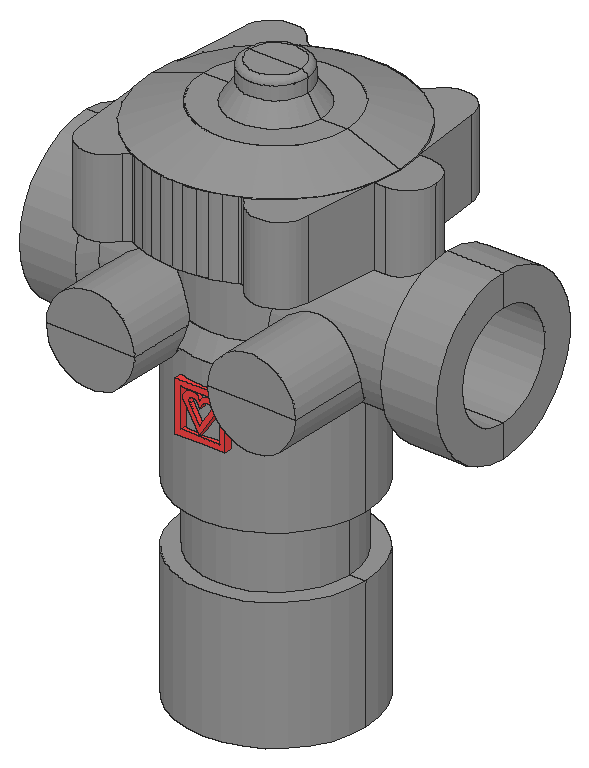
Revit family "Kombiventil 4206_R_SMART_LF_MF", category Rohrzubehör, Revit 2018
Family settings
  Bemaßung runder Anschluss = Durchmesser verwenden
  Teiletyp = Unterbricht
  OmniClass-Nummer = 23.65.55.14
  OmniClass-Titel = Valves for Liquid Services
  Arbeitsebenenbasiert = Nein
  Immer vertikal = Ja
  Beim Laden mit Abzugskörper schneiden = Nein
  Gemeinsam genutzt = Nein
Parameters (values of type "LF")
  min.Betriebstemperatur (reines Wasser) = 2 °C  # constant formula
  min.Betriebstemperatur (Frostschutz) = -20 °C  # constant formula
  max.Differenzdruck = 400000.0 Pa  # constant formula
  max.Betriebstemperatur bis DN32 = 130 °C  # constant formula
  max.Betriebstemperatur ab DN40 = 110 °C  # constant formula
  max.Betriebsdruck = 1600000.0 Pa  # constant formula
  URL = "www.herz-armaturen.at"
  Stift = "Edelstahl 14301"  # constant formula
  SCRNSEQ = "ARM;ARM_TYP=\"DURR\";2"
  SCRNCODE = "05;04;02"  # constant formula
  S04 [instance] = R01 * 2  # 30.00 mm
  S01 [instance] = L01 + L02  # 75.00 mm
  R02 [instance] = size_lookup("4206R_S_LF_MF", "R2", 9.32 mm, Nennweite)  # 9.316 mm
  R01 [instance] = size_lookup("4206R_S_LF_MF", "R1", 15.00 mm, Nennweite)  # 15.00 mm
  PN = 25  # constant formula
  O-Ringe = "EPDM"  # constant formula
  Membrangehäuse = "Messing CW602N"  # constant formula
  Membrane = "EPDM"  # constant formula
  Medium = "Wasserbeschaffenheit nach ÖNORM H 5195 und VDI 2035.\r\nDie Verwendung von Ethylen- und Propylenglykol ist im Mischungsverhältnis 25 - 50 Vol. [%] zulässig."
  MF [instance] = no
  LF [instance] = yes
  L06 = 3.44 mm  # constant formula
  Impulsleitung = "Kupfer Cu-DHP (CW024A)"  # constant formula
  Hub = 4.00 mm  # constant formula
  Hersteller = "Herz-Armaturen GmbH"  # constant formula
  H10 = 22.33 mm  # constant formula
  Gehäuse = "DZR Messing CC770S"  # constant formula
  Druckfeder = "Federstahl"  # constant formula
  Bestellnummer [instance] = if(and(LF, Nennweite = 15.00 mm), 1420660, if(and(MF, Nennweite = 15.00 mm), 1420669, 0))  # 1420660
  Bauschutzkappe = "Kunststoff"  # constant formula
  B16 = 26.00 mm  # constant formula
  B15 = 23.00 mm  # constant formula
  B14 = 8.73 mm  # constant formula
  B13 = 40.79 mm  # constant formula
  B12 = 36.73 mm  # constant formula
  B11 = 34.69 mm  # constant formula
  B10 = 31.75 mm  # constant formula
  B09 [instance] = size_lookup("4206R_S_LF_MF", "B9", 3.30 mm, Nennweite)  # 3.30 mm
  Nennweite [instance] = 15.00 mm
  L05 = 3.44 mm  # constant formula
  L04 [instance] = size_lookup("4206R_S_LF_MF", "L4", 12.00 mm, Nennweite)  # 12.00 mm
  L03 [instance] = size_lookup("4206R_S_LF_MF", "L3", 10.00 mm, Nennweite)  # 10.00 mm
  L02 = 34.00 mm  # constant formula
  L01 = 41.00 mm  # constant formula
  H09 = 1.08 mm  # constant formula
  H08 = 4.24 mm  # constant formula
  H07 = 28.19 mm  # constant formula
  H06 = 24.02 mm  # constant formula
  H05 = 10.06 mm  # constant formula
  H04 = 6.74 mm  # constant formula
  H03 = 3.46 mm  # constant formula
  H02 [instance] = size_lookup("4206R_S_LF_MF", "H2", 65.00 mm, Nennweite)  # 67.00 mm
  H01 = 35.00 mm  # constant formula
  B08 = 23.05 mm  # constant formula
  B07 [instance] = size_lookup("4206R_S_LF_MF", "B7", 16.50 mm, Nennweite)  # 16.50 mm
  B06 = 5.86 mm  # constant formula
  B05 = 3.70 mm  # constant formula
  B04 = 6.75 mm  # constant formula
  B03 = 7.93 mm  # constant formula
  B02 [instance] = size_lookup("4206R_S_LF_MF", "B2", 12.50 mm, Nennweite)  # 12.50 mm
  B01 = 41.62 mm  # constant formula
  Anwendungsgebiet = "Das Kombiventil wird in allen pumpenbetriebenen Heiz- und Kühlanlagen eingesetzt. Der Regler begrenzt automatisch\r\nden Volumenstrom im gewählten Anlagenteil auf den einmal eingestellten Wert, indem alle Druckschwankungen\r\ngemessen und ausgeregelt werden. Somit sind keine Messungen erforderlich und die Regelung ist bei allen\r\nBetriebsbedingungen effektiv. Das Kombiventil regelt den Volumenstrom der ventileigenen Voreinstellung auf einen\r\nkonstanten Wert; die Membran regelt aufgrund des Druckes unmittelbar nach dem Regeleinsatz, sowie des Druckes\r\ndavor.\r\nDie Voreinstellung bezieht sich direkt auf den Volumenstrom; entsprechend kann die maximale Durchflussmenge bei\r\nder Montage direkt nach dem Diagramm eingestellt werden."
Types (3, lengths in mm): name | MF | LF | Bestellnummer
  (no name) | no | yes | 1420660
  LF | no | yes | 1420660
  MF | yes | no | 1420669
Reference planes
  plane 1 "Mitte (Vorne/hinten)": y = 0
  plane 2: z = 0
  plane 3 "Mitte (Links/rechts)": x = 0
Forms (mm)
  Revolve 1, solid, material "Messing, weicher Gelbton, geschweißt", detail levels fine
    sketch origin (0, 0, 0) x (1, 0, 0) y (0, 0, 1)
      loop
        line (0, -67) -> (16.292, -67) -> (16.292, -43.48) -> (13.292, -43.48) -> (13.292, -32.232) -> (16.292, -32.232) -> (16.292, -6.498) -> (14.505, -2.652) -> (14.505, 6.81) -> (22.33, 10.98) -> (22.33, 24.94) -> (12.949, 28.26) -> (8.129, 28.26) -> (5.75, 31.54) -> (5.75, 33.92)
        arc (5.75, 33.92) -> (5.434, 34.684) -> (4.67, 35) r 1.08
        line (4.67, 35) -> (0, 35) -> (0, -67)
      axis (0, 35) -> (0, -67)
    angle from 0 to 360
  Revolve 2, solid, material "Messing, weicher Gelbton, geschweißt", detail levels fine
    sketch origin (0, 0, -3.3) x (1, 0, 0) y (0, 1, 0)
      loop
        line (-20.425, -26) -> (-12.5, -26) -> (-12.5, -8.046) -> (-20.425, -8.046) -> (-20.425, -26)
      axis (-12.5, -8.046) -> (-12.5, -26)
    angle from 0 to 360
  Revolve 3, solid, material "Messing, weicher Gelbton, geschweißt", detail levels fine
    sketch origin (0, 0, 0) x (-1, 0, 0) y (0, 0, 1)
      loop
        line (34, 9.316) -> (34, 15) -> (24, 15) -> (22.317, 12) -> (-29.317, 12) -> (-31, 15) -> (-41, 15) -> (-41, 9.316) -> (-27.815, 9.316) -> (-27.815, 0) -> (20.815, 0) -> (20.815, 9.315) -> (34, 9.316)
      axis (-41, 0) -> (34, 0)
    angle from 0 to 360
  Extrusion 4, solid, material "Messing, weicher Gelbton, geschweißt", detail levels fine
    sketch origin (0, 0, 25.912) x (-1, 0, 0) y (0, -1, 0)
      loop
        arc (-20.427, -18.385) -> (-16.688, -23.223) -> (-11.063, -20.825) r 5
        arc (-11.063, -20.825) -> (-10.486, -20.308) -> (-9.758, -20.047) r 2.018
        arc (-9.758, -20.047) -> (0, -22.329) -> (9.758, -20.047) r 22
        arc (9.758, -20.047) -> (10.486, -20.308) -> (11.063, -20.825) r 2.018
        arc (11.063, -20.825) -> (16.688, -23.223) -> (20.427, -18.385) r 5
        arc (20.427, -18.385) -> (22, 0) -> (20.427, 18.385) r 108.221
        arc (20.427, 18.385) -> (16.688, 23.223) -> (11.063, 20.825) r 5
        arc (11.063, 20.825) -> (10.486, 20.308) -> (9.758, 20.047) r 2.018
        arc (9.758, 20.047) -> (0, 22.329) -> (-9.758, 20.047) r 22
        arc (-9.758, 20.047) -> (-10.486, 20.308) -> (-11.063, 20.825) r 2.018
        arc (-11.063, 20.825) -> (-16.688, 23.223) -> (-20.427, 18.385) r 5
        arc (-20.427, 18.385) -> (-21.356, 11.79) -> (-21.877, 5.15) r 108.221
        line (-21.877, 5.15) -> (-23.7, 5.15)
        arc (-23.7, 5.15) -> (-27.342, 3.642) -> (-28.85, 0) r 5.15
        arc (-28.85, 0) -> (-27.342, -3.642) -> (-23.7, -5.15) r 5.15
        line (-23.7, -5.15) -> (-21.877, -5.15)
        arc (-21.877, -5.15) -> (-21.356, -11.79) -> (-20.427, -18.385) r 108.221
    from -14.932 to -0.972
  Revolve 5, solid, material "Messing, weicher Gelbton, geschweißt", detail levels fine
    sketch origin (4, 0, -3.3) x (-1, 0, 0) y (0, -1, 0)
      loop
        line (-20.425, 26) -> (-20.425, 8.046) -> (-12.5, 8.046) -> (-12.5, 26) -> (-20.425, 26)
      axis (-12.5, 8.046) -> (-12.5, 26)
    angle from 0 to 360
Lines and regions (mm)
  model lines, detail levels coarse+medium
    curve 1: line (37.5, -15, 0) -> (37.5, 15, 0)
    curve 2: line (37.5, 15, 0) -> (-37.5, -15, 0)
    curve 3: line (-37.5, -15, 0) -> (-37.5, 15, 0)
    curve 4: line (-37.5, 15, 0) -> (37.5, -15, 0)
    curve 5: line (-37.5, 14.673, 0) -> (0, -6.74, 0)
    curve 6: line (0, -6.74, 0) -> (37.5, 14.673, 0)
    curve 7: line (0, -6.74, 0) -> (0, -24.94, 0)
    curve 8: spline (-22.33, -29.97, 0) -> (-21.569, -28.668, 0) -> (-19.338, -27.455, 0) -> (-15.79, -26.413, 0) -> (-11.165, -25.614, 0) -> (-5.779, -25.111, 0) -> (0, -24.94, 0) -> (5.779, -25.111, 0) -> (11.165, -25.614, 0) -> (15.79, -26.413, 0) -> (19.338, -27.455, 0) -> (21.569, -28.668, 0) -> (22.33, -29.97, 0) -> (21.569, -31.272, 0) -> (19.338, -32.485, 0) -> (15.79, -33.527, 0) -> (11.165, -34.326, 0) -> (5.779, -34.829, 0) -> (0, -35, 0) -> (-5.779, -34.829, 0) -> (-11.165, -34.326, 0) -> (-15.79, -33.527, 0) -> (-19.338, -32.485, 0) -> (-21.569, -31.272, 0) -> (-22.33, -29.97, 0)
    curve 9: line (-37.5, 0, 15) -> (-37.5, 0, -15)
    curve 10: line (-37.5, 0, -15) -> (37.5, 0, 15)
    curve 11: line (37.5, 0, 15) -> (37.5, 0, -15)
    curve 12: line (37.5, 0, -15) -> (-37.5, 0, 15)
    curve 13: line (37.287, 0, -14.915) -> (0, 0, 6.74)
    curve 14: line (0, 0, 6.74) -> (-37.5, 0, -15)
    curve 15: line (0, 0, 6.74) -> (0, 0, 24.94)
    curve 16: spline (-22.33, 0, 29.97) -> (-21.569, 0, 31.272) -> (-19.338, 0, 32.485) -> (-15.79, 0, 33.527) -> (-11.165, 0, 34.326) -> (-5.779, 0, 34.829) -> (0, 0, 35) -> (5.779, 0, 34.829) -> (11.165, 0, 34.326) -> (15.79, 0, 33.527) -> (19.338, 0, 32.485) -> (21.569, 0, 31.272) -> (22.33, 0, 29.97) -> (21.569, 0, 28.668) -> (19.338, 0, 27.455) -> (15.79, 0, 26.413) -> (11.165, 0, 25.614) -> (5.779, 0, 25.111) -> (0, 0, 24.94) -> (-5.779, 0, 25.111) -> (-11.165, 0, 25.614) -> (-15.79, 0, 26.413) -> (-19.338, 0, 27.455) -> (-21.569, 0, 28.668) -> (-22.33, 0, 29.97)
Dimensions and locks
  "H01": Revolve 1 sketch curve to plane 2
  "H02": plane 2 to Revolve 1 sketch curve
  "H03": Revolve 1 sketch curve to Revolve 1 sketch curve
  "H04": Revolve 1 sketch curve to Revolve 1 sketch curve
  "H05": Revolve 1 sketch curve to Revolve 1 sketch curve
  "H06": Revolve 1 sketch curve to Revolve 1 sketch curve
  "H07": Revolve 1 sketch curve to Revolve 1 sketch curve
  "H08": Revolve 1 sketch curve to Revolve 1 sketch curve
  "L02": plane 3 "Mitte (Links/rechts)" to Revolve 3 sketch curve
  "L01": Revolve 3 sketch curve to plane 3 "Mitte (Links/rechts)"
  "L03": Revolve 3 sketch curve to Revolve 3 sketch curve
  "L04": Revolve 3 sketch curve to plane 2
  "L05": Revolve 3 sketch curve to Revolve 3 sketch curve
  "R01": Revolve 3 sketch curve to plane 2  (x2)
  "R02": Revolve 3 sketch curve to plane 2  (x2)
  "B16": Revolve 2 sketch curve to plane 1 "Mitte (Vorne/hinten)"
  "B02": Revolve 2 sketch curve to plane 3 "Mitte (Links/rechts)"
  "B16": plane 1 "Mitte (Vorne/hinten)" to Revolve 5 sketch curve
  "B07": plane 3 "Mitte (Links/rechts)" to Revolve 5 sketch curve
  "L06": Revolve 3 sketch curve to Revolve 3 sketch curve
  "S01": curve 3 to curve 1
  equal spacing: curve 3, plane 3 "Mitte (Links/rechts)", curve 1
  "S04": curve 2 to curve 4
  "S04": curve 4 to curve 3
  "H10": plane 3 "Mitte (Links/rechts)" to Revolve 1 sketch curve
  "H10": curve 8 to plane 3 "Mitte (Links/rechts)" to curve 8
  "H01": curve 8 to plane 1 "Mitte (Vorne/hinten)"
  "H05": curve 8 to curve 8
  equal spacing: curve 3, plane 1 "Mitte (Vorne/hinten)", curve 4
  equal spacing: curve 4, plane 1 "Mitte (Vorne/hinten)", curve 2
  "H04": curve 7 to plane 1 "Mitte (Vorne/hinten)"
  "S01": curve 9 to curve 11
  equal spacing: curve 9, plane 3 "Mitte (Links/rechts)", curve 11
  "H10": curve 16 to plane 3 "Mitte (Links/rechts)" to curve 16
  "S04": curve 12 to curve 14
  "S04": curve 11 to curve 12
  equal spacing: curve 12, plane 2, curve 14
  equal spacing: curve 11, plane 2, curve 12
  "H04": curve 15 to plane 2
  "H01": curve 16 to plane 2
  "H05": curve 16 to curve 16
  plane 2 to Revolve 1 sketch curve = 32.232 mm
  plane 2 to Revolve 1 sketch curve = 43.48 mm
  "H09": radius of Revolve 1 sketch curve
  aligned and locked: level to plane 2
  aligned and locked: Revolve 1 to Extrusion 4
  aligned and locked: Extrusion 4 to Revolve 1
Automatic sketch dimensions
  Extrusion 4 sketch curve to Extrusion 4 sketch curve = 0.00 mm  (x5)
  plane 1 "Mitte (Vorne/hinten)" to Extrusion 4 sketch curve = 0.00 mm  (x3)
  Extrusion 4 sketch curve to plane 3 "Mitte (Links/rechts)" = 0.00 mm  (x2)
  plane 3 "Mitte (Links/rechts)" to Extrusion 4 sketch curve = 9.452 mm  (x2)
  Extrusion 4 sketch curve to Extrusion 4 sketch curve = 5.975 mm  (x4)
  Extrusion 4 sketch curve to plane 1 "Mitte (Vorne/hinten)" = 5.15 mm
  Extrusion 4 sketch curve to Extrusion 4 sketch curve = 6.45 mm
  Extrusion 4 sketch curve to Extrusion 4 sketch curve = 1.823 mm
  Extrusion 4 sketch curve to Extrusion 4 sketch curve = 57.371 mm
  Extrusion 4 sketch curve to plane 3 "Mitte (Links/rechts)" = 9.452 mm  (x2)
  Extrusion 4 sketch curve to Extrusion 4 sketch curve = 70.794 mm
  Extrusion 4 sketch curve to Extrusion 4 sketch curve = 13.235 mm  (x2)
  Extrusion 4 sketch curve to plane 1 "Mitte (Vorne/hinten)" = 18.385 mm
  Extrusion 4 sketch curve to Extrusion 4 sketch curve = 3.657 mm  (x4)
  Extrusion 4 sketch curve to plane 1 "Mitte (Vorne/hinten)" = 0.329 mm
  plane 1 "Mitte (Vorne/hinten)" to Extrusion 4 sketch curve = 0.329 mm
  plane 1 "Mitte (Vorne/hinten)" to Extrusion 4 sketch curve = 18.385 mm
  Extrusion 4 sketch curve to Extrusion 4 sketch curve = 0.306 mm  (x4)
  Extrusion 4 sketch curve to Extrusion 4 sketch curve = 1.305 mm  (x3)
  Extrusion 4 sketch curve to Extrusion 4 sketch curve = 5.00 mm
  curve 6 to plane 3 "Mitte (Links/rechts)" = 0.00 mm
  curve 6 to curve 1 = 0.327 mm
  curve 5 to curve 3 = 0.327 mm
  Revolve 1 sketch curve to plane 3 "Mitte (Links/rechts)" = 0.00 mm  (x2)
  plane 3 "Mitte (Links/rechts)" to Revolve 1 sketch curve = 4.67 mm
  Revolve 1 sketch curve to Revolve 1 sketch curve = 2.379 mm
  Revolve 1 sketch curve to Revolve 1 sketch curve = 4.82 mm
  plane 3 "Mitte (Links/rechts)" to Revolve 1 sketch curve = 13.292 mm
  Revolve 1 sketch curve to level = 2.652 mm
  plane 3 "Mitte (Links/rechts)" to Revolve 1 sketch curve = 14.505 mm
  Revolve 1 sketch curve to Revolve 1 sketch curve = 3.00 mm  (x2)
  Revolve 1 sketch curve to Revolve 1 sketch curve = 292.892 mm
  Revolve 1 sketch curve to Revolve 1 sketch curve = 2176.299 mm
  Revolve 2 sketch curve to Revolve 2 sketch curve = 0.00 mm  (x3)
  Revolve 2 sketch curve to Revolve 2 sketch curve = 7.925 mm
  plane 1 "Mitte (Vorne/hinten)" to Revolve 2 sketch curve = 8.046 mm
  Revolve 3 sketch curve to level = 0.00 mm  (x2)
  Revolve 3 sketch curve to Revolve 3 sketch curve = 10.00 mm
  Revolve 3 sketch curve to Revolve 3 sketch curve = 1.501 mm  (x2)
  Revolve 3 sketch curve to Revolve 3 sketch curve = 1315.107 mm
  Revolve 3 sketch curve to Revolve 3 sketch curve = 1862.053 mm
  Revolve 5 sketch curve to Revolve 5 sketch curve = 0.00 mm  (x3)
  Revolve 5 sketch curve to Revolve 5 sketch curve = 7.925 mm
  plane 1 "Mitte (Vorne/hinten)" to Revolve 5 sketch curve = 8.046 mm
  curve 14 to plane 3 "Mitte (Links/rechts)" = 0.00 mm
  curve 13 to level = 14.915 mm
Nested families
  nested 1: "Herz-Logo-vorne" at (0, -16.164, -15) x (0, 1, 0) z (0, 0, 1), type "Herz-Logo-vorne"
Connectors
  piping at (41, 0, 0), diameter 15, driven by "Nennweite"
    settings: on Revolve 3, index 1, connector inside diameter 609.6 mm, connector length 0.00 mm, flow factor 0, pipe flow 0.0 L/s, pressure drop 0.0 Pa, fitting loss kfactor 0, connector angle 0.00°, fixture units 0, engagement length 0.00 mm, angle of deflection 0.00°, flow configuration 0, flow direction 2, fitting loss method 0, system type 29, joint type 0, gender type 0, connector reference index -1, connector utility 0, adjustable connector no, is connector primary yes, connector description ""
  piping at (-34, 0, 0), diameter 15, driven by "Nennweite"
    settings: on Revolve 3, index 2, connector inside diameter 609.6 mm, connector length 0.00 mm, flow factor 0, pipe flow 0.0 L/s, pressure drop 0.0 Pa, fitting loss kfactor 0, connector angle 0.00°, fixture units 0, engagement length 0.00 mm, angle of deflection 0.00°, flow configuration 0, flow direction 1, fitting loss method 0, system type 29, joint type 0, gender type 0, connector reference index -1, connector utility 0, adjustable connector no, is connector primary no, connector description ""
Definition of nested family "Herz-Logo-vorne"
  Reference planes
    plane 1 "Mitte (Vorne/hinten)": y = 0
    plane 2: z = 0
    plane 3 "Mitte (Links/rechts)": x = 0
  Forms (mm)
    Extrusion 1, solid
      sketch origin (0.732, -0.018, 0.017) x (0, -1, 0) y (0, 0, 1)
        loop
          line (-0.018, -4.517) -> (4.482, -4.517) -> (4.482, 4.483) -> (-4.518, 4.483) -> (-4.518, -4.517) -> (-0.018, -4.517)
        loop
          line (-0.05, -3.48) -> (3.482, -3.48) -> (3.482, 3.483) -> (-3.518, 3.483) -> (-3.518, -3.48) -> (-0.05, -3.48)
        loop
          arc (-0.018, 2.383) -> (-1.543, 3.287) -> (-3.067, 2.383) r 1.738
          arc (-3.067, 2.383) -> (-3.191, 1.899) -> (-3.067, 1.415) r 1.009
          line (-3.067, 1.415) -> (-0.018, -3.281) -> (3.032, 1.415)
          arc (3.032, 1.415) -> (3.156, 1.899) -> (3.032, 2.383) r 1.009
          arc (3.032, 2.383) -> (1.507, 3.287) -> (-0.018, 2.383) r 1.738
        loop
          arc (1.885, 1.272) -> (2.005, 1.675) -> (1.885, 2.079) r 0.74
          arc (1.885, 2.079) -> (1.265, 2.416) -> (0.644, 2.079) r 0.74
          line (0.644, 2.079) -> (-0.018, 0.97) -> (-0.679, 2.079)
          arc (-0.679, 2.079) -> (-1.3, 2.416) -> (-1.921, 2.079) r 0.74
          arc (-1.921, 2.079) -> (-2.04, 1.675) -> (-1.921, 1.272) r 0.74
          line (-1.921, 1.272) -> (-0.018, -1.658) -> (1.885, 1.272)
      from 0 to 1.5
  Dimensions and locks
    aligned and locked: level to plane 2
